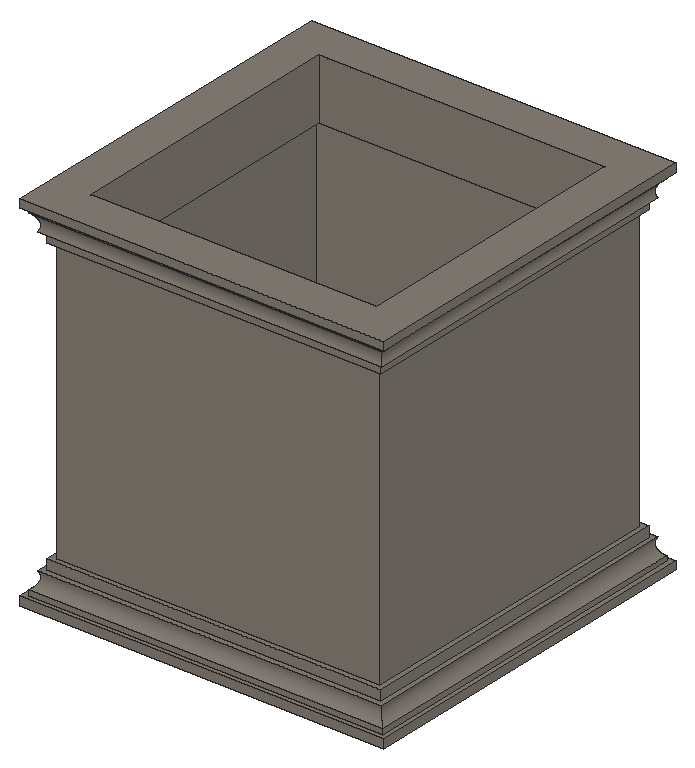
Revit family "Specialty_Equipment-Fiberglass_Planter-Planters_Unlimited-Laguna Rectangular square-rev", category Specialty Equipment, Revit 2023 (continued)
Types (596): name | Type Comments | Description | CD_Width | CD_Specification | CD_Product Page URL | CD_Height | CD_Length | CD_Divider
  60"L x 42"W x 30"H | "Rectangular Planter" | "Laguna Rectangular Planter" | 42.0" | "https://www.plantersunlimited.com/content/Planters/C19-LYN-REC.pdf" | "https://www.plantersunlimited.com/lynx-rectangular-planters48/" | 30.0" | 60.0" | yes
  60"L x 42"W x 36"H | "Rectangular Planter" | "Laguna Rectangular Planter" | 42.0" | "https://www.plantersunlimited.com/content/Planters/C19-LYN-REC.pdf" | "https://www.plantersunlimited.com/lynx-rectangular-planters48/" | 36.0" | 60.0" | yes
  60"L x 42"W x 42"H | "Rectangular Planter" | "Laguna Rectangular Planter" | 42.0" | "https://www.plantersunlimited.com/content/Planters/C19-LYN-REC.pdf" | "https://www.plantersunlimited.com/lynx-rectangular-planters48/" | 42.0" | 60.0" | yes
  60"L x 42"W x 48"H | "Rectangular Planter" | "Laguna Rectangular Planter" | 42.0" | "https://www.plantersunlimited.com/content/Planters/C19-LYN-REC.pdf" | "https://www.plantersunlimited.com/lynx-rectangular-planters48/" | 48.0" | 60.0" | yes
  66"L x 12"W x 18"H | "Rectangular Planter" | "Laguna Rectangular Planter" | 12.0" | "https://www.plantersunlimited.com/content/Planters/C19-LYN-REC.pdf" | "https://www.plantersunlimited.com/lynx-rectangular-planters48/" | 18.0" | 66.0" | yes
  66"L x 12"W x 24"H | "Rectangular Planter" | "Laguna Rectangular Planter" | 12.0" | "https://www.plantersunlimited.com/content/Planters/C19-LYN-REC.pdf" | "https://www.plantersunlimited.com/lynx-rectangular-planters48/" | 24.0" | 66.0" | yes
  66"L x 12"W x 30"H | "Rectangular Planter" | "Laguna Rectangular Planter" | 12.0" | "https://www.plantersunlimited.com/content/Planters/C19-LYN-REC.pdf" | "https://www.plantersunlimited.com/lynx-rectangular-planters48/" | 30.0" | 66.0" | yes
  66"L x 12"W x 36"H | "Rectangular Planter" | "Laguna Rectangular Planter" | 12.0" | "https://www.plantersunlimited.com/content/Planters/C19-LYN-REC.pdf" | "https://www.plantersunlimited.com/lynx-rectangular-planters48/" | 36.0" | 66.0" | yes
  66"L x 15"W x 18"H | "Rectangular Planter" | "Laguna Rectangular Planter" | 15.0" | "https://www.plantersunlimited.com/content/Planters/C19-LYN-REC.pdf" | "https://www.plantersunlimited.com/lynx-rectangular-planters48/" | 18.0" | 66.0" | yes
  66"L x 15"W x 24"H | "Rectangular Planter" | "Laguna Rectangular Planter" | 15.0" | "https://www.plantersunlimited.com/content/Planters/C19-LYN-REC.pdf" | "https://www.plantersunlimited.com/lynx-rectangular-planters48/" | 24.0" | 66.0" | yes
  66"L x 15"W x 30"H | "Rectangular Planter" | "Laguna Rectangular Planter" | 15.0" | "https://www.plantersunlimited.com/content/Planters/C19-LYN-REC.pdf" | "https://www.plantersunlimited.com/lynx-rectangular-planters48/" | 30.0" | 66.0" | yes
  66"L x 15"W x 36"H | "Rectangular Planter" | "Laguna Rectangular Planter" | 15.0" | "https://www.plantersunlimited.com/content/Planters/C19-LYN-REC.pdf" | "https://www.plantersunlimited.com/lynx-rectangular-planters48/" | 36.0" | 66.0" | yes
  66"L x 15"W x 42"H | "Rectangular Planter" | "Laguna Rectangular Planter" | 15.0" | "https://www.plantersunlimited.com/content/Planters/C19-LYN-REC.pdf" | "https://www.plantersunlimited.com/lynx-rectangular-planters48/" | 42.0" | 66.0" | yes
  66"L x 15"W x 48"H | "Rectangular Planter" | "Laguna Rectangular Planter" | 15.0" | "https://www.plantersunlimited.com/content/Planters/C19-LYN-REC.pdf" | "https://www.plantersunlimited.com/lynx-rectangular-planters48/" | 48.0" | 66.0" | yes
  66"L x 18"W x 18"H | "Rectangular Planter" | "Laguna Rectangular Planter" | 18.0" | "https://www.plantersunlimited.com/content/Planters/C19-LYN-REC.pdf" | "https://www.plantersunlimited.com/lynx-rectangular-planters48/" | 18.0" | 66.0" | yes
  66"L x 18"W x 24"H | "Rectangular Planter" | "Laguna Rectangular Planter" | 18.0" | "https://www.plantersunlimited.com/content/Planters/C19-LYN-REC.pdf" | "https://www.plantersunlimited.com/lynx-rectangular-planters48/" | 24.0" | 66.0" | yes
  66"L x 18"W x 30"H | "Rectangular Planter" | "Laguna Rectangular Planter" | 18.0" | "https://www.plantersunlimited.com/content/Planters/C19-LYN-REC.pdf" | "https://www.plantersunlimited.com/lynx-rectangular-planters48/" | 30.0" | 66.0" | yes
  66"L x 18"W x 36"H | "Rectangular Planter" | "Laguna Rectangular Planter" | 18.0" | "https://www.plantersunlimited.com/content/Planters/C19-LYN-REC.pdf" | "https://www.plantersunlimited.com/lynx-rectangular-planters48/" | 36.0" | 66.0" | yes
  66"L x 18"W x 42"H | "Rectangular Planter" | "Laguna Rectangular Planter" | 18.0" | "https://www.plantersunlimited.com/content/Planters/C19-LYN-REC.pdf" | "https://www.plantersunlimited.com/lynx-rectangular-planters48/" | 42.0" | 66.0" | yes
  66"L x 18"W x 48"H | "Rectangular Planter" | "Laguna Rectangular Planter" | 18.0" | "https://www.plantersunlimited.com/content/Planters/C19-LYN-REC.pdf" | "https://www.plantersunlimited.com/lynx-rectangular-planters48/" | 48.0" | 66.0" | yes
  66"L x 24"W x 18"H | "Rectangular Planter" | "Laguna Rectangular Planter" | 24.0" | "https://www.plantersunlimited.com/content/Planters/C19-LYN-REC.pdf" | "https://www.plantersunlimited.com/lynx-rectangular-planters48/" | 18.0" | 66.0" | yes
  66"L x 24"W x 24"H | "Rectangular Planter" | "Laguna Rectangular Planter" | 24.0" | "https://www.plantersunlimited.com/content/Planters/C19-LYN-REC.pdf" | "https://www.plantersunlimited.com/lynx-rectangular-planters48/" | 24.0" | 66.0" | yes
  66"L x 24"W x 30"H | "Rectangular Planter" | "Laguna Rectangular Planter" | 24.0" | "https://www.plantersunlimited.com/content/Planters/C19-LYN-REC.pdf" | "https://www.plantersunlimited.com/lynx-rectangular-planters48/" | 30.0" | 66.0" | yes
  66"L x 24"W x 36"H | "Rectangular Planter" | "Laguna Rectangular Planter" | 24.0" | "https://www.plantersunlimited.com/content/Planters/C19-LYN-REC.pdf" | "https://www.plantersunlimited.com/lynx-rectangular-planters48/" | 36.0" | 66.0" | yes
  66"L x 24"W x 42"H | "Rectangular Planter" | "Laguna Rectangular Planter" | 24.0" | "https://www.plantersunlimited.com/content/Planters/C19-LYN-REC.pdf" | "https://www.plantersunlimited.com/lynx-rectangular-planters48/" | 42.0" | 66.0" | yes
  66"L x 24"W x 48"H | "Rectangular Planter" | "Laguna Rectangular Planter" | 24.0" | "https://www.plantersunlimited.com/content/Planters/C19-LYN-REC.pdf" | "https://www.plantersunlimited.com/lynx-rectangular-planters48/" | 48.0" | 66.0" | yes
  66"L x 30"W x 18"H | "Rectangular Planter" | "Laguna Rectangular Planter" | 30.0" | "https://www.plantersunlimited.com/content/Planters/C19-LYN-REC.pdf" | "https://www.plantersunlimited.com/lynx-rectangular-planters48/" | 18.0" | 66.0" | yes
  66"L x 30"W x 24"H | "Rectangular Planter" | "Laguna Rectangular Planter" | 30.0" | "https://www.plantersunlimited.com/content/Planters/C19-LYN-REC.pdf" | "https://www.plantersunlimited.com/lynx-rectangular-planters48/" | 24.0" | 66.0" | yes
  66"L x 30"W x 30"H | "Rectangular Planter" | "Laguna Rectangular Planter" | 30.0" | "https://www.plantersunlimited.com/content/Planters/C19-LYN-REC.pdf" | "https://www.plantersunlimited.com/lynx-rectangular-planters48/" | 30.0" | 66.0" | yes
  66"L x 30"W x 36"H | "Rectangular Planter" | "Laguna Rectangular Planter" | 30.0" | "https://www.plantersunlimited.com/content/Planters/C19-LYN-REC.pdf" | "https://www.plantersunlimited.com/lynx-rectangular-planters48/" | 36.0" | 66.0" | yes
  66"L x 30"W x 42"H | "Rectangular Planter" | "Laguna Rectangular Planter" | 30.0" | "https://www.plantersunlimited.com/content/Planters/C19-LYN-REC.pdf" | "https://www.plantersunlimited.com/lynx-rectangular-planters48/" | 42.0" | 66.0" | yes
  66"L x 30"W x 48"H | "Rectangular Planter" | "Laguna Rectangular Planter" | 30.0" | "https://www.plantersunlimited.com/content/Planters/C19-LYN-REC.pdf" | "https://www.plantersunlimited.com/lynx-rectangular-planters48/" | 48.0" | 66.0" | yes
  66"L x 36"W x 18"H | "Rectangular Planter" | "Laguna Rectangular Planter" | 36.0" | "https://www.plantersunlimited.com/content/Planters/C19-LYN-REC.pdf" | "https://www.plantersunlimited.com/lynx-rectangular-planters48/" | 18.0" | 66.0" | yes
  66"L x 36"W x 24"H | "Rectangular Planter" | "Laguna Rectangular Planter" | 36.0" | "https://www.plantersunlimited.com/content/Planters/C19-LYN-REC.pdf" | "https://www.plantersunlimited.com/lynx-rectangular-planters48/" | 24.0" | 66.0" | yes
  66"L x 36"W x 30"H | "Rectangular Planter" | "Laguna Rectangular Planter" | 36.0" | "https://www.plantersunlimited.com/content/Planters/C19-LYN-REC.pdf" | "https://www.plantersunlimited.com/lynx-rectangular-planters48/" | 30.0" | 66.0" | yes
  66"L x 36"W x 36"H | "Rectangular Planter" | "Laguna Rectangular Planter" | 36.0" | "https://www.plantersunlimited.com/content/Planters/C19-LYN-REC.pdf" | "https://www.plantersunlimited.com/lynx-rectangular-planters48/" | 36.0" | 66.0" | yes
  66"L x 36"W x 42"H | "Rectangular Planter" | "Laguna Rectangular Planter" | 36.0" | "https://www.plantersunlimited.com/content/Planters/C19-LYN-REC.pdf" | "https://www.plantersunlimited.com/lynx-rectangular-planters48/" | 42.0" | 66.0" | yes
  66"L x 36"W x 48"H | "Rectangular Planter" | "Laguna Rectangular Planter" | 36.0" | "https://www.plantersunlimited.com/content/Planters/C19-LYN-REC.pdf" | "https://www.plantersunlimited.com/lynx-rectangular-planters48/" | 48.0" | 66.0" | yes
  66"L x 42"W x 18"H | "Rectangular Planter" | "Laguna Rectangular Planter" | 42.0" | "https://www.plantersunlimited.com/content/Planters/C19-LYN-REC.pdf" | "https://www.plantersunlimited.com/lynx-rectangular-planters48/" | 18.0" | 66.0" | yes
  66"L x 42"W x 24"H | "Rectangular Planter" | "Laguna Rectangular Planter" | 42.0" | "https://www.plantersunlimited.com/content/Planters/C19-LYN-REC.pdf" | "https://www.plantersunlimited.com/lynx-rectangular-planters48/" | 24.0" | 66.0" | yes
  66"L x 42"W x 30"H | "Rectangular Planter" | "Laguna Rectangular Planter" | 42.0" | "https://www.plantersunlimited.com/content/Planters/C19-LYN-REC.pdf" | "https://www.plantersunlimited.com/lynx-rectangular-planters48/" | 30.0" | 66.0" | yes
  66"L x 42"W x 36"H | "Rectangular Planter" | "Laguna Rectangular Planter" | 42.0" | "https://www.plantersunlimited.com/content/Planters/C19-LYN-REC.pdf" | "https://www.plantersunlimited.com/lynx-rectangular-planters48/" | 36.0" | 66.0" | yes
  66"L x 42"W x 42"H | "Rectangular Planter" | "Laguna Rectangular Planter" | 42.0" | "https://www.plantersunlimited.com/content/Planters/C19-LYN-REC.pdf" | "https://www.plantersunlimited.com/lynx-rectangular-planters48/" | 42.0" | 66.0" | yes
  66"L x 42"W x 48"H | "Rectangular Planter" | "Laguna Rectangular Planter" | 42.0" | "https://www.plantersunlimited.com/content/Planters/C19-LYN-REC.pdf" | "https://www.plantersunlimited.com/lynx-rectangular-planters48/" | 48.0" | 66.0" | yes
  72"L x 12"W x 18"H | "Rectangular Planter" | "Laguna Rectangular Planter" | 12.0" | "https://www.plantersunlimited.com/content/Planters/C19-LYN-REC.pdf" | "https://www.plantersunlimited.com/lynx-rectangular-planters48/" | 18.0" | 72.0" | yes
  72"L x 12"W x 24"H | "Rectangular Planter" | "Laguna Rectangular Planter" | 12.0" | "https://www.plantersunlimited.com/content/Planters/C19-LYN-REC.pdf" | "https://www.plantersunlimited.com/lynx-rectangular-planters48/" | 24.0" | 72.0" | yes
  72"L x 12"W x 30"H | "Rectangular Planter" | "Laguna Rectangular Planter" | 12.0" | "https://www.plantersunlimited.com/content/Planters/C19-LYN-REC.pdf" | "https://www.plantersunlimited.com/lynx-rectangular-planters48/" | 30.0" | 72.0" | yes
  72"L x 12"W x 36"H | "Rectangular Planter" | "Laguna Rectangular Planter" | 12.0" | "https://www.plantersunlimited.com/content/Planters/C19-LYN-REC.pdf" | "https://www.plantersunlimited.com/lynx-rectangular-planters48/" | 36.0" | 72.0" | yes
  72"L x 15"W x 18"H | "Rectangular Planter" | "Laguna Rectangular Planter" | 15.0" | "https://www.plantersunlimited.com/content/Planters/C19-LYN-REC.pdf" | "https://www.plantersunlimited.com/lynx-rectangular-planters48/" | 18.0" | 72.0" | yes
  72"L x 15"W x 24"H | "Rectangular Planter" | "Laguna Rectangular Planter" | 15.0" | "https://www.plantersunlimited.com/content/Planters/C19-LYN-REC.pdf" | "https://www.plantersunlimited.com/lynx-rectangular-planters48/" | 24.0" | 72.0" | yes
  72"L x 15"W x 30"H | "Rectangular Planter" | "Laguna Rectangular Planter" | 15.0" | "https://www.plantersunlimited.com/content/Planters/C19-LYN-REC.pdf" | "https://www.plantersunlimited.com/lynx-rectangular-planters48/" | 30.0" | 72.0" | yes
  72"L x 15"W x 36"H | "Rectangular Planter" | "Laguna Rectangular Planter" | 15.0" | "https://www.plantersunlimited.com/content/Planters/C19-LYN-REC.pdf" | "https://www.plantersunlimited.com/lynx-rectangular-planters48/" | 36.0" | 72.0" | yes
  72"L x 15"W x 42"H | "Rectangular Planter" | "Laguna Rectangular Planter" | 15.0" | "https://www.plantersunlimited.com/content/Planters/C19-LYN-REC.pdf" | "https://www.plantersunlimited.com/lynx-rectangular-planters48/" | 42.0" | 72.0" | yes
  72"L x 15"W x 48"H | "Rectangular Planter" | "Laguna Rectangular Planter" | 15.0" | "https://www.plantersunlimited.com/content/Planters/C19-LYN-REC.pdf" | "https://www.plantersunlimited.com/lynx-rectangular-planters48/" | 48.0" | 72.0" | yes
  72"L x 18"W x 18"H | "Rectangular Planter" | "Laguna Rectangular Planter" | 18.0" | "https://www.plantersunlimited.com/content/Planters/C19-LYN-REC.pdf" | "https://www.plantersunlimited.com/lynx-rectangular-planters48/" | 18.0" | 72.0" | yes
  72"L x 18"W x 24"H | "Rectangular Planter" | "Laguna Rectangular Planter" | 18.0" | "https://www.plantersunlimited.com/content/Planters/C19-LYN-REC.pdf" | "https://www.plantersunlimited.com/lynx-rectangular-planters48/" | 24.0" | 72.0" | yes
  72"L x 18"W x 30"H | "Rectangular Planter" | "Laguna Rectangular Planter" | 18.0" | "https://www.plantersunlimited.com/content/Planters/C19-LYN-REC.pdf" | "https://www.plantersunlimited.com/lynx-rectangular-planters48/" | 30.0" | 72.0" | yes
  72"L x 18"W x 36"H | "Rectangular Planter" | "Laguna Rectangular Planter" | 18.0" | "https://www.plantersunlimited.com/content/Planters/C19-LYN-REC.pdf" | "https://www.plantersunlimited.com/lynx-rectangular-planters48/" | 36.0" | 72.0" | yes
  72"L x 18"W x 42"H | "Rectangular Planter" | "Laguna Rectangular Planter" | 18.0" | "https://www.plantersunlimited.com/content/Planters/C19-LYN-REC.pdf" | "https://www.plantersunlimited.com/lynx-rectangular-planters48/" | 42.0" | 72.0" | yes
  72"L x 18"W x 48"H | "Rectangular Planter" | "Laguna Rectangular Planter" | 18.0" | "https://www.plantersunlimited.com/content/Planters/C19-LYN-REC.pdf" | "https://www.plantersunlimited.com/lynx-rectangular-planters48/" | 48.0" | 72.0" | yes
  72"L x 24"W x 18"H | "Rectangular Planter" | "Laguna Rectangular Planter" | 24.0" | "https://www.plantersunlimited.com/content/Planters/C19-LYN-REC.pdf" | "https://www.plantersunlimited.com/lynx-rectangular-planters48/" | 18.0" | 72.0" | yes
  72"L x 24"W x 24"H | "Rectangular Planter" | "Laguna Rectangular Planter" | 24.0" | "https://www.plantersunlimited.com/content/Planters/C19-LYN-REC.pdf" | "https://www.plantersunlimited.com/lynx-rectangular-planters48/" | 24.0" | 72.0" | yes
  72"L x 24"W x 30"H | "Rectangular Planter" | "Laguna Rectangular Planter" | 24.0" | "https://www.plantersunlimited.com/content/Planters/C19-LYN-REC.pdf" | "https://www.plantersunlimited.com/lynx-rectangular-planters48/" | 30.0" | 72.0" | yes
  72"L x 24"W x 36"H | "Rectangular Planter" | "Laguna Rectangular Planter" | 24.0" | "https://www.plantersunlimited.com/content/Planters/C19-LYN-REC.pdf" | "https://www.plantersunlimited.com/lynx-rectangular-planters48/" | 36.0" | 72.0" | yes
  72"L x 24"W x 42"H | "Rectangular Planter" | "Laguna Rectangular Planter" | 24.0" | "https://www.plantersunlimited.com/content/Planters/C19-LYN-REC.pdf" | "https://www.plantersunlimited.com/lynx-rectangular-planters48/" | 42.0" | 72.0" | yes
  72"L x 24"W x 48"H | "Rectangular Planter" | "Laguna Rectangular Planter" | 24.0" | "https://www.plantersunlimited.com/content/Planters/C19-LYN-REC.pdf" | "https://www.plantersunlimited.com/lynx-rectangular-planters48/" | 48.0" | 72.0" | yes
  72"L x 30"W x 18"H | "Rectangular Planter" | "Laguna Rectangular Planter" | 30.0" | "https://www.plantersunlimited.com/content/Planters/C19-LYN-REC.pdf" | "https://www.plantersunlimited.com/lynx-rectangular-planters48/" | 18.0" | 72.0" | yes
  72"L x 30"W x 24"H | "Rectangular Planter" | "Laguna Rectangular Planter" | 30.0" | "https://www.plantersunlimited.com/content/Planters/C19-LYN-REC.pdf" | "https://www.plantersunlimited.com/lynx-rectangular-planters48/" | 24.0" | 72.0" | yes
  72"L x 30"W x 30"H | "Rectangular Planter" | "Laguna Rectangular Planter" | 30.0" | "https://www.plantersunlimited.com/content/Planters/C19-LYN-REC.pdf" | "https://www.plantersunlimited.com/lynx-rectangular-planters48/" | 30.0" | 72.0" | yes
  72"L x 30"W x 36"H | "Rectangular Planter" | "Laguna Rectangular Planter" | 30.0" | "https://www.plantersunlimited.com/content/Planters/C19-LYN-REC.pdf" | "https://www.plantersunlimited.com/lynx-rectangular-planters48/" | 36.0" | 72.0" | yes
  72"L x 30"W x 42"H | "Rectangular Planter" | "Laguna Rectangular Planter" | 30.0" | "https://www.plantersunlimited.com/content/Planters/C19-LYN-REC.pdf" | "https://www.plantersunlimited.com/lynx-rectangular-planters48/" | 42.0" | 72.0" | yes
  72"L x 30"W x 48"H | "Rectangular Planter" | "Laguna Rectangular Planter" | 30.0" | "https://www.plantersunlimited.com/content/Planters/C19-LYN-REC.pdf" | "https://www.plantersunlimited.com/lynx-rectangular-planters48/" | 48.0" | 72.0" | yes
  72"L x 36"W x 18"H | "Rectangular Planter" | "Laguna Rectangular Planter" | 36.0" | "https://www.plantersunlimited.com/content/Planters/C19-LYN-REC.pdf" | "https://www.plantersunlimited.com/lynx-rectangular-planters48/" | 18.0" | 72.0" | yes
  72"L x 36"W x 24"H | "Rectangular Planter" | "Laguna Rectangular Planter" | 36.0" | "https://www.plantersunlimited.com/content/Planters/C19-LYN-REC.pdf" | "https://www.plantersunlimited.com/lynx-rectangular-planters48/" | 24.0" | 72.0" | yes
  72"L x 36"W x 30"H | "Rectangular Planter" | "Laguna Rectangular Planter" | 36.0" | "https://www.plantersunlimited.com/content/Planters/C19-LYN-REC.pdf" | "https://www.plantersunlimited.com/lynx-rectangular-planters48/" | 30.0" | 72.0" | yes
  72"L x 36"W x 36"H | "Rectangular Planter" | "Laguna Rectangular Planter" | 36.0" | "https://www.plantersunlimited.com/content/Planters/C19-LYN-REC.pdf" | "https://www.plantersunlimited.com/lynx-rectangular-planters48/" | 36.0" | 72.0" | yes
  72"L x 36"W x 42"H | "Rectangular Planter" | "Laguna Rectangular Planter" | 36.0" | "https://www.plantersunlimited.com/content/Planters/C19-LYN-REC.pdf" | "https://www.plantersunlimited.com/lynx-rectangular-planters48/" | 42.0" | 72.0" | yes
  72"L x 36"W x 48"H | "Rectangular Planter" | "Laguna Rectangular Planter" | 36.0" | "https://www.plantersunlimited.com/content/Planters/C19-LYN-REC.pdf" | "https://www.plantersunlimited.com/lynx-rectangular-planters48/" | 48.0" | 72.0" | yes
  72"L x 42"W x 18"H | "Rectangular Planter" | "Laguna Rectangular Planter" | 42.0" | "https://www.plantersunlimited.com/content/Planters/C19-LYN-REC.pdf" | "https://www.plantersunlimited.com/lynx-rectangular-planters48/" | 18.0" | 72.0" | yes
  72"L x 42"W x 24"H | "Rectangular Planter" | "Laguna Rectangular Planter" | 42.0" | "https://www.plantersunlimited.com/content/Planters/C19-LYN-REC.pdf" | "https://www.plantersunlimited.com/lynx-rectangular-planters48/" | 24.0" | 72.0" | yes
  72"L x 42"W x 30"H | "Rectangular Planter" | "Laguna Rectangular Planter" | 42.0" | "https://www.plantersunlimited.com/content/Planters/C19-LYN-REC.pdf" | "https://www.plantersunlimited.com/lynx-rectangular-planters48/" | 30.0" | 72.0" | yes
  72"L x 42"W x 36"H | "Rectangular Planter" | "Laguna Rectangular Planter" | 42.0" | "https://www.plantersunlimited.com/content/Planters/C19-LYN-REC.pdf" | "https://www.plantersunlimited.com/lynx-rectangular-planters48/" | 36.0" | 72.0" | yes
  72"L x 42"W x 42"H | "Rectangular Planter" | "Laguna Rectangular Planter" | 42.0" | "https://www.plantersunlimited.com/content/Planters/C19-LYN-REC.pdf" | "https://www.plantersunlimited.com/lynx-rectangular-planters48/" | 42.0" | 72.0" | yes
  72"L x 42"W x 48"H | "Rectangular Planter" | "Laguna Rectangular Planter" | 42.0" | "https://www.plantersunlimited.com/content/Planters/C19-LYN-REC.pdf" | "https://www.plantersunlimited.com/lynx-rectangular-planters48/" | 48.0" | 72.0" | yes
  78"L x 12"W x 18"H | "Rectangular Planter" | "Laguna Rectangular Planter" | 12.0" | "https://www.plantersunlimited.com/content/Planters/C19-LYN-REC.pdf" | "https://www.plantersunlimited.com/lynx-rectangular-planters48/" | 18.0" | 78.0" | yes
  78"L x 12"W x 24"H | "Rectangular Planter" | "Laguna Rectangular Planter" | 12.0" | "https://www.plantersunlimited.com/content/Planters/C19-LYN-REC.pdf" | "https://www.plantersunlimited.com/lynx-rectangular-planters48/" | 24.0" | 78.0" | yes
  78"L x 12"W x 30"H | "Rectangular Planter" | "Laguna Rectangular Planter" | 12.0" | "https://www.plantersunlimited.com/content/Planters/C19-LYN-REC.pdf" | "https://www.plantersunlimited.com/lynx-rectangular-planters48/" | 30.0" | 78.0" | yes
  78"L x 12"W x 36"H | "Rectangular Planter" | "Laguna Rectangular Planter" | 12.0" | "https://www.plantersunlimited.com/content/Planters/C19-LYN-REC.pdf" | "https://www.plantersunlimited.com/lynx-rectangular-planters48/" | 36.0" | 78.0" | yes
  78"L x 15"W x 18"H | "Rectangular Planter" | "Laguna Rectangular Planter" | 15.0" | "https://www.plantersunlimited.com/content/Planters/C19-LYN-REC.pdf" | "https://www.plantersunlimited.com/lynx-rectangular-planters48/" | 18.0" | 78.0" | yes
  78"L x 15"W x 24"H | "Rectangular Planter" | "Laguna Rectangular Planter" | 15.0" | "https://www.plantersunlimited.com/content/Planters/C19-LYN-REC.pdf" | "https://www.plantersunlimited.com/lynx-rectangular-planters48/" | 24.0" | 78.0" | yes
  78"L x 15"W x 30"H | "Rectangular Planter" | "Laguna Rectangular Planter" | 15.0" | "https://www.plantersunlimited.com/content/Planters/C19-LYN-REC.pdf" | "https://www.plantersunlimited.com/lynx-rectangular-planters48/" | 30.0" | 78.0" | yes
  78"L x 15"W x 36"H | "Rectangular Planter" | "Laguna Rectangular Planter" | 15.0" | "https://www.plantersunlimited.com/content/Planters/C19-LYN-REC.pdf" | "https://www.plantersunlimited.com/lynx-rectangular-planters48/" | 36.0" | 78.0" | yes
  78"L x 15"W x 42"H | "Rectangular Planter" | "Laguna Rectangular Planter" | 15.0" | "https://www.plantersunlimited.com/content/Planters/C19-LYN-REC.pdf" | "https://www.plantersunlimited.com/lynx-rectangular-planters48/" | 42.0" | 78.0" | yes
  78"L x 15"W x 48"H | "Rectangular Planter" | "Laguna Rectangular Planter" | 15.0" | "https://www.plantersunlimited.com/content/Planters/C19-LYN-REC.pdf" | "https://www.plantersunlimited.com/lynx-rectangular-planters48/" | 48.0" | 78.0" | yes
  78"L x 18"W x 18"H | "Rectangular Planter" | "Laguna Rectangular Planter" | 18.0" | "https://www.plantersunlimited.com/content/Planters/C19-LYN-REC.pdf" | "https://www.plantersunlimited.com/lynx-rectangular-planters48/" | 18.0" | 78.0" | yes
  78"L x 18"W x 24"H | "Rectangular Planter" | "Laguna Rectangular Planter" | 18.0" | "https://www.plantersunlimited.com/content/Planters/C19-LYN-REC.pdf" | "https://www.plantersunlimited.com/lynx-rectangular-planters48/" | 24.0" | 78.0" | yes
  78"L x 18"W x 30"H | "Rectangular Planter" | "Laguna Rectangular Planter" | 18.0" | "https://www.plantersunlimited.com/content/Planters/C19-LYN-REC.pdf" | "https://www.plantersunlimited.com/lynx-rectangular-planters48/" | 30.0" | 78.0" | yes
  78"L x 18"W x 36"H | "Rectangular Planter" | "Laguna Rectangular Planter" | 18.0" | "https://www.plantersunlimited.com/content/Planters/C19-LYN-REC.pdf" | "https://www.plantersunlimited.com/lynx-rectangular-planters48/" | 36.0" | 78.0" | yes
  78"L x 18"W x 42"H | "Rectangular Planter" | "Laguna Rectangular Planter" | 18.0" | "https://www.plantersunlimited.com/content/Planters/C19-LYN-REC.pdf" | "https://www.plantersunlimited.com/lynx-rectangular-planters48/" | 42.0" | 78.0" | yes
  78"L x 18"W x 48"H | "Rectangular Planter" | "Laguna Rectangular Planter" | 18.0" | "https://www.plantersunlimited.com/content/Planters/C19-LYN-REC.pdf" | "https://www.plantersunlimited.com/lynx-rectangular-planters48/" | 48.0" | 78.0" | yes
  78"L x 24"W x 18"H | "Rectangular Planter" | "Laguna Rectangular Planter" | 24.0" | "https://www.plantersunlimited.com/content/Planters/C19-LYN-REC.pdf" | "https://www.plantersunlimited.com/lynx-rectangular-planters48/" | 18.0" | 78.0" | yes
  78"L x 24"W x 24"H | "Rectangular Planter" | "Laguna Rectangular Planter" | 24.0" | "https://www.plantersunlimited.com/content/Planters/C19-LYN-REC.pdf" | "https://www.plantersunlimited.com/lynx-rectangular-planters48/" | 24.0" | 78.0" | yes
  78"L x 24"W x 30"H | "Rectangular Planter" | "Laguna Rectangular Planter" | 24.0" | "https://www.plantersunlimited.com/content/Planters/C19-LYN-REC.pdf" | "https://www.plantersunlimited.com/lynx-rectangular-planters48/" | 30.0" | 78.0" | yes
  78"L x 24"W x 36"H | "Rectangular Planter" | "Laguna Rectangular Planter" | 24.0" | "https://www.plantersunlimited.com/content/Planters/C19-LYN-REC.pdf" | "https://www.plantersunlimited.com/lynx-rectangular-planters48/" | 36.0" | 78.0" | yes
  78"L x 24"W x 42"H | "Rectangular Planter" | "Laguna Rectangular Planter" | 24.0" | "https://www.plantersunlimited.com/content/Planters/C19-LYN-REC.pdf" | "https://www.plantersunlimited.com/lynx-rectangular-planters48/" | 42.0" | 78.0" | yes
  78"L x 24"W x 48"H | "Rectangular Planter" | "Laguna Rectangular Planter" | 24.0" | "https://www.plantersunlimited.com/content/Planters/C19-LYN-REC.pdf" | "https://www.plantersunlimited.com/lynx-rectangular-planters48/" | 48.0" | 78.0" | yes
  78"L x 30"W x 18"H | "Rectangular Planter" | "Laguna Rectangular Planter" | 30.0" | "https://www.plantersunlimited.com/content/Planters/C19-LYN-REC.pdf" | "https://www.plantersunlimited.com/lynx-rectangular-planters48/" | 18.0" | 78.0" | yes
  78"L x 30"W x 24"H | "Rectangular Planter" | "Laguna Rectangular Planter" | 30.0" | "https://www.plantersunlimited.com/content/Planters/C19-LYN-REC.pdf" | "https://www.plantersunlimited.com/lynx-rectangular-planters48/" | 24.0" | 78.0" | yes
  78"L x 30"W x 30"H | "Rectangular Planter" | "Laguna Rectangular Planter" | 30.0" | "https://www.plantersunlimited.com/content/Planters/C19-LYN-REC.pdf" | "https://www.plantersunlimited.com/lynx-rectangular-planters48/" | 30.0" | 78.0" | yes
  78"L x 30"W x 36"H | "Rectangular Planter" | "Laguna Rectangular Planter" | 30.0" | "https://www.plantersunlimited.com/content/Planters/C19-LYN-REC.pdf" | "https://www.plantersunlimited.com/lynx-rectangular-planters48/" | 36.0" | 78.0" | yes
  78"L x 30"W x 42"H | "Rectangular Planter" | "Laguna Rectangular Planter" | 30.0" | "https://www.plantersunlimited.com/content/Planters/C19-LYN-REC.pdf" | "https://www.plantersunlimited.com/lynx-rectangular-planters48/" | 42.0" | 78.0" | yes
  78"L x 30"W x 48"H | "Rectangular Planter" | "Laguna Rectangular Planter" | 30.0" | "https://www.plantersunlimited.com/content/Planters/C19-LYN-REC.pdf" | "https://www.plantersunlimited.com/lynx-rectangular-planters48/" | 48.0" | 78.0" | yes
  78"L x 36"W x 18"H | "Rectangular Planter" | "Laguna Rectangular Planter" | 36.0" | "https://www.plantersunlimited.com/content/Planters/C19-LYN-REC.pdf" | "https://www.plantersunlimited.com/lynx-rectangular-planters48/" | 18.0" | 78.0" | yes
  78"L x 36"W x 24"H | "Rectangular Planter" | "Laguna Rectangular Planter" | 36.0" | "https://www.plantersunlimited.com/content/Planters/C19-LYN-REC.pdf" | "https://www.plantersunlimited.com/lynx-rectangular-planters48/" | 24.0" | 78.0" | yes
  78"L x 36"W x 30"H | "Rectangular Planter" | "Laguna Rectangular Planter" | 36.0" | "https://www.plantersunlimited.com/content/Planters/C19-LYN-REC.pdf" | "https://www.plantersunlimited.com/lynx-rectangular-planters48/" | 30.0" | 78.0" | yes
  78"L x 36"W x 36"H | "Rectangular Planter" | "Laguna Rectangular Planter" | 36.0" | "https://www.plantersunlimited.com/content/Planters/C19-LYN-REC.pdf" | "https://www.plantersunlimited.com/lynx-rectangular-planters48/" | 36.0" | 78.0" | yes
  78"L x 36"W x 42"H | "Rectangular Planter" | "Laguna Rectangular Planter" | 36.0" | "https://www.plantersunlimited.com/content/Planters/C19-LYN-REC.pdf" | "https://www.plantersunlimited.com/lynx-rectangular-planters48/" | 42.0" | 78.0" | yes
  78"L x 36"W x 48"H | "Rectangular Planter" | "Laguna Rectangular Planter" | 36.0" | "https://www.plantersunlimited.com/content/Planters/C19-LYN-REC.pdf" | "https://www.plantersunlimited.com/lynx-rectangular-planters48/" | 48.0" | 78.0" | yes
  78"L x 42"W x 18"H | "Rectangular Planter" | "Laguna Rectangular Planter" | 42.0" | "https://www.plantersunlimited.com/content/Planters/C19-LYN-REC.pdf" | "https://www.plantersunlimited.com/lynx-rectangular-planters48/" | 18.0" | 78.0" | yes
  78"L x 42"W x 24"H | "Rectangular Planter" | "Laguna Rectangular Planter" | 42.0" | "https://www.plantersunlimited.com/content/Planters/C19-LYN-REC.pdf" | "https://www.plantersunlimited.com/lynx-rectangular-planters48/" | 24.0" | 78.0" | yes
  78"L x 42"W x 30"H | "Rectangular Planter" | "Laguna Rectangular Planter" | 42.0" | "https://www.plantersunlimited.com/content/Planters/C19-LYN-REC.pdf" | "https://www.plantersunlimited.com/lynx-rectangular-planters48/" | 30.0" | 78.0" | yes
  78"L x 42"W x 36"H | "Rectangular Planter" | "Laguna Rectangular Planter" | 42.0" | "https://www.plantersunlimited.com/content/Planters/C19-LYN-REC.pdf" | "https://www.plantersunlimited.com/lynx-rectangular-planters48/" | 36.0" | 78.0" | yes
  78"L x 42"W x 42"H | "Rectangular Planter" | "Laguna Rectangular Planter" | 42.0" | "https://www.plantersunlimited.com/content/Planters/C19-LYN-REC.pdf" | "https://www.plantersunlimited.com/lynx-rectangular-planters48/" | 42.0" | 78.0" | yes
  78"L x 42"W x 48"H | "Rectangular Planter" | "Laguna Rectangular Planter" | 42.0" | "https://www.plantersunlimited.com/content/Planters/C19-LYN-REC.pdf" | "https://www.plantersunlimited.com/lynx-rectangular-planters48/" | 48.0" | 78.0" | yes
  84"L x 12"W x 18"H | "Rectangular Planter" | "Laguna Rectangular Planter" | 12.0" | "https://www.plantersunlimited.com/content/Planters/C19-LYN-REC.pdf" | "https://www.plantersunlimited.com/lynx-rectangular-planters48/" | 18.0" | 84.0" | yes
  84"L x 12"W x 24"H | "Rectangular Planter" | "Laguna Rectangular Planter" | 12.0" | "https://www.plantersunlimited.com/content/Planters/C19-LYN-REC.pdf" | "https://www.plantersunlimited.com/lynx-rectangular-planters48/" | 24.0" | 84.0" | yes
  84"L x 12"W x 30"H | "Rectangular Planter" | "Laguna Rectangular Planter" | 12.0" | "https://www.plantersunlimited.com/content/Planters/C19-LYN-REC.pdf" | "https://www.plantersunlimited.com/lynx-rectangular-planters48/" | 30.0" | 84.0" | yes
  84"L x 12"W x 36"H | "Rectangular Planter" | "Laguna Rectangular Planter" | 12.0" | "https://www.plantersunlimited.com/content/Planters/C19-LYN-REC.pdf" | "https://www.plantersunlimited.com/lynx-rectangular-planters48/" | 36.0" | 84.0" | yes
  84"L x 15"W x 18"H | "Rectangular Planter" | "Laguna Rectangular Planter" | 15.0" | "https://www.plantersunlimited.com/content/Planters/C19-LYN-REC.pdf" | "https://www.plantersunlimited.com/lynx-rectangular-planters48/" | 18.0" | 84.0" | yes
  84"L x 15"W x 24"H | "Rectangular Planter" | "Laguna Rectangular Planter" | 15.0" | "https://www.plantersunlimited.com/content/Planters/C19-LYN-REC.pdf" | "https://www.plantersunlimited.com/lynx-rectangular-planters48/" | 24.0" | 84.0" | yes
  84"L x 15"W x 30"H | "Rectangular Planter" | "Laguna Rectangular Planter" | 15.0" | "https://www.plantersunlimited.com/content/Planters/C19-LYN-REC.pdf" | "https://www.plantersunlimited.com/lynx-rectangular-planters48/" | 30.0" | 84.0" | yes
  84"L x 15"W x 36"H | "Rectangular Planter" | "Laguna Rectangular Planter" | 15.0" | "https://www.plantersunlimited.com/content/Planters/C19-LYN-REC.pdf" | "https://www.plantersunlimited.com/lynx-rectangular-planters48/" | 36.0" | 84.0" | yes
  84"L x 15"W x 42"H | "Rectangular Planter" | "Laguna Rectangular Planter" | 15.0" | "https://www.plantersunlimited.com/content/Planters/C19-LYN-REC.pdf" | "https://www.plantersunlimited.com/lynx-rectangular-planters48/" | 42.0" | 84.0" | yes
  84"L x 15"W x 48"H | "Rectangular Planter" | "Laguna Rectangular Planter" | 15.0" | "https://www.plantersunlimited.com/content/Planters/C19-LYN-REC.pdf" | "https://www.plantersunlimited.com/lynx-rectangular-planters48/" | 48.0" | 84.0" | yes
  84"L x 18"W x 18"H | "Rectangular Planter" | "Laguna Rectangular Planter" | 18.0" | "https://www.plantersunlimited.com/content/Planters/C19-LYN-REC.pdf" | "https://www.plantersunlimited.com/lynx-rectangular-planters48/" | 18.0" | 84.0" | yes
  84"L x 18"W x 24"H | "Rectangular Planter" | "Laguna Rectangular Planter" | 18.0" | "https://www.plantersunlimited.com/content/Planters/C19-LYN-REC.pdf" | "https://www.plantersunlimited.com/lynx-rectangular-planters48/" | 24.0" | 84.0" | yes
  84"L x 18"W x 30"H | "Rectangular Planter" | "Laguna Rectangular Planter" | 18.0" | "https://www.plantersunlimited.com/content/Planters/C19-LYN-REC.pdf" | "https://www.plantersunlimited.com/lynx-rectangular-planters48/" | 30.0" | 84.0" | yes
  84"L x 18"W x 36"H | "Rectangular Planter" | "Laguna Rectangular Planter" | 18.0" | "https://www.plantersunlimited.com/content/Planters/C19-LYN-REC.pdf" | "https://www.plantersunlimited.com/lynx-rectangular-planters48/" | 36.0" | 84.0" | yes
  84"L x 18"W x 42"H | "Rectangular Planter" | "Laguna Rectangular Planter" | 18.0" | "https://www.plantersunlimited.com/content/Planters/C19-LYN-REC.pdf" | "https://www.plantersunlimited.com/lynx-rectangular-planters48/" | 42.0" | 84.0" | yes
  84"L x 18"W x 48"H | "Rectangular Planter" | "Laguna Rectangular Planter" | 18.0" | "https://www.plantersunlimited.com/content/Planters/C19-LYN-REC.pdf" | "https://www.plantersunlimited.com/lynx-rectangular-planters48/" | 48.0" | 84.0" | yes
  84"L x 24"W x 18"H | "Rectangular Planter" | "Laguna Rectangular Planter" | 24.0" | "https://www.plantersunlimited.com/content/Planters/C19-LYN-REC.pdf" | "https://www.plantersunlimited.com/lynx-rectangular-planters48/" | 18.0" | 84.0" | yes
  84"L x 24"W x 24"H | "Rectangular Planter" | "Laguna Rectangular Planter" | 24.0" | "https://www.plantersunlimited.com/content/Planters/C19-LYN-REC.pdf" | "https://www.plantersunlimited.com/lynx-rectangular-planters48/" | 24.0" | 84.0" | yes
  84"L x 24"W x 30"H | "Rectangular Planter" | "Laguna Rectangular Planter" | 24.0" | "https://www.plantersunlimited.com/content/Planters/C19-LYN-REC.pdf" | "https://www.plantersunlimited.com/lynx-rectangular-planters48/" | 30.0" | 84.0" | yes
  84"L x 24"W x 36"H | "Rectangular Planter" | "Laguna Rectangular Planter" | 24.0" | "https://www.plantersunlimited.com/content/Planters/C19-LYN-REC.pdf" | "https://www.plantersunlimited.com/lynx-rectangular-planters48/" | 36.0" | 84.0" | yes
  84"L x 24"W x 42"H | "Rectangular Planter" | "Laguna Rectangular Planter" | 24.0" | "https://www.plantersunlimited.com/content/Planters/C19-LYN-REC.pdf" | "https://www.plantersunlimited.com/lynx-rectangular-planters48/" | 42.0" | 84.0" | yes
  84"L x 24"W x 48"H | "Rectangular Planter" | "Laguna Rectangular Planter" | 24.0" | "https://www.plantersunlimited.com/content/Planters/C19-LYN-REC.pdf" | "https://www.plantersunlimited.com/lynx-rectangular-planters48/" | 48.0" | 84.0" | yes
  84"L x 30"W x 18"H | "Rectangular Planter" | "Laguna Rectangular Planter" | 30.0" | "https://www.plantersunlimited.com/content/Planters/C19-LYN-REC.pdf" | "https://www.plantersunlimited.com/lynx-rectangular-planters48/" | 18.0" | 84.0" | yes
  84"L x 30"W x 24"H | "Rectangular Planter" | "Laguna Rectangular Planter" | 30.0" | "https://www.plantersunlimited.com/content/Planters/C19-LYN-REC.pdf" | "https://www.plantersunlimited.com/lynx-rectangular-planters48/" | 24.0" | 84.0" | yes
  84"L x 30"W x 30"H | "Rectangular Planter" | "Laguna Rectangular Planter" | 30.0" | "https://www.plantersunlimited.com/content/Planters/C19-LYN-REC.pdf" | "https://www.plantersunlimited.com/lynx-rectangular-planters48/" | 30.0" | 84.0" | yes
  84"L x 30"W x 36"H | "Rectangular Planter" | "Laguna Rectangular Planter" | 30.0" | "https://www.plantersunlimited.com/content/Planters/C19-LYN-REC.pdf" | "https://www.plantersunlimited.com/lynx-rectangular-planters48/" | 36.0" | 84.0" | yes
  84"L x 30"W x 42"H | "Rectangular Planter" | "Laguna Rectangular Planter" | 30.0" | "https://www.plantersunlimited.com/content/Planters/C19-LYN-REC.pdf" | "https://www.plantersunlimited.com/lynx-rectangular-planters48/" | 42.0" | 84.0" | yes
  84"L x 30"W x 48"H | "Rectangular Planter" | "Laguna Rectangular Planter" | 30.0" | "https://www.plantersunlimited.com/content/Planters/C19-LYN-REC.pdf" | "https://www.plantersunlimited.com/lynx-rectangular-planters48/" | 48.0" | 84.0" | yes
  84"L x 36"W x 18"H | "Rectangular Planter" | "Laguna Rectangular Planter" | 36.0" | "https://www.plantersunlimited.com/content/Planters/C19-LYN-REC.pdf" | "https://www.plantersunlimited.com/lynx-rectangular-planters48/" | 18.0" | 84.0" | yes
  84"L x 36"W x 24"H | "Rectangular Planter" | "Laguna Rectangular Planter" | 36.0" | "https://www.plantersunlimited.com/content/Planters/C19-LYN-REC.pdf" | "https://www.plantersunlimited.com/lynx-rectangular-planters48/" | 24.0" | 84.0" | yes
  84"L x 36"W x 30"H | "Rectangular Planter" | "Laguna Rectangular Planter" | 36.0" | "https://www.plantersunlimited.com/content/Planters/C19-LYN-REC.pdf" | "https://www.plantersunlimited.com/lynx-rectangular-planters48/" | 30.0" | 84.0" | yes
  84"L x 36"W x 36"H | "Rectangular Planter" | "Laguna Rectangular Planter" | 36.0" | "https://www.plantersunlimited.com/content/Planters/C19-LYN-REC.pdf" | "https://www.plantersunlimited.com/lynx-rectangular-planters48/" | 36.0" | 84.0" | yes
  84"L x 36"W x 42"H | "Rectangular Planter" | "Laguna Rectangular Planter" | 36.0" | "https://www.plantersunlimited.com/content/Planters/C19-LYN-REC.pdf" | "https://www.plantersunlimited.com/lynx-rectangular-planters48/" | 42.0" | 84.0" | yes
  84"L x 36"W x 48"H | "Rectangular Planter" | "Laguna Rectangular Planter" | 36.0" | "https://www.plantersunlimited.com/content/Planters/C19-LYN-REC.pdf" | "https://www.plantersunlimited.com/lynx-rectangular-planters48/" | 48.0" | 84.0" | yes
  84"L x 42"W x 18"H | "Rectangular Planter" | "Laguna Rectangular Planter" | 42.0" | "https://www.plantersunlimited.com/content/Planters/C19-LYN-REC.pdf" | "https://www.plantersunlimited.com/lynx-rectangular-planters48/" | 18.0" | 84.0" | yes
  84"L x 42"W x 24"H | "Rectangular Planter" | "Laguna Rectangular Planter" | 42.0" | "https://www.plantersunlimited.com/content/Planters/C19-LYN-REC.pdf" | "https://www.plantersunlimited.com/lynx-rectangular-planters48/" | 24.0" | 84.0" | yes
  84"L x 42"W x 30"H | "Rectangular Planter" | "Laguna Rectangular Planter" | 42.0" | "https://www.plantersunlimited.com/content/Planters/C19-LYN-REC.pdf" | "https://www.plantersunlimited.com/lynx-rectangular-planters48/" | 30.0" | 84.0" | yes
  84"L x 42"W x 36"H | "Rectangular Planter" | "Laguna Rectangular Planter" | 42.0" | "https://www.plantersunlimited.com/content/Planters/C19-LYN-REC.pdf" | "https://www.plantersunlimited.com/lynx-rectangular-planters48/" | 36.0" | 84.0" | yes
  84"L x 42"W x 42"H | "Rectangular Planter" | "Laguna Rectangular Planter" | 42.0" | "https://www.plantersunlimited.com/content/Planters/C19-LYN-REC.pdf" | "https://www.plantersunlimited.com/lynx-rectangular-planters48/" | 42.0" | 84.0" | yes
  84"L x 42"W x 48"H | "Rectangular Planter" | "Laguna Rectangular Planter" | 42.0" | "https://www.plantersunlimited.com/content/Planters/C19-LYN-REC.pdf" | "https://www.plantersunlimited.com/lynx-rectangular-planters48/" | 48.0" | 84.0" | yes
  90"L x 12"W x 18"H | "Rectangular Planter" | "Laguna Rectangular Planter" | 12.0" | "https://www.plantersunlimited.com/content/Planters/C19-LYN-REC.pdf" | "https://www.plantersunlimited.com/lynx-rectangular-planters48/" | 18.0" | 90.0" | yes
  90"L x 12"W x 24"H | "Rectangular Planter" | "Laguna Rectangular Planter" | 12.0" | "https://www.plantersunlimited.com/content/Planters/C19-LYN-REC.pdf" | "https://www.plantersunlimited.com/lynx-rectangular-planters48/" | 24.0" | 90.0" | yes
  90"L x 12"W x 30"H | "Rectangular Planter" | "Laguna Rectangular Planter" | 12.0" | "https://www.plantersunlimited.com/content/Planters/C19-LYN-REC.pdf" | "https://www.plantersunlimited.com/lynx-rectangular-planters48/" | 30.0" | 90.0" | yes
  90"L x 12"W x 36"H | "Rectangular Planter" | "Laguna Rectangular Planter" | 12.0" | "https://www.plantersunlimited.com/content/Planters/C19-LYN-REC.pdf" | "https://www.plantersunlimited.com/lynx-rectangular-planters48/" | 36.0" | 90.0" | yes
  90"L x 15"W x 18"H | "Rectangular Planter" | "Laguna Rectangular Planter" | 15.0" | "https://www.plantersunlimited.com/content/Planters/C19-LYN-REC.pdf" | "https://www.plantersunlimited.com/lynx-rectangular-planters48/" | 18.0" | 90.0" | yes
  90"L x 15"W x 24"H | "Rectangular Planter" | "Laguna Rectangular Planter" | 15.0" | "https://www.plantersunlimited.com/content/Planters/C19-LYN-REC.pdf" | "https://www.plantersunlimited.com/lynx-rectangular-planters48/" | 24.0" | 90.0" | yes
  90"L x 15"W x 30"H | "Rectangular Planter" | "Laguna Rectangular Planter" | 15.0" | "https://www.plantersunlimited.com/content/Planters/C19-LYN-REC.pdf" | "https://www.plantersunlimited.com/lynx-rectangular-planters48/" | 30.0" | 90.0" | yes
  90"L x 15"W x 36"H | "Rectangular Planter" | "Laguna Rectangular Planter" | 15.0" | "https://www.plantersunlimited.com/content/Planters/C19-LYN-REC.pdf" | "https://www.plantersunlimited.com/lynx-rectangular-planters48/" | 36.0" | 90.0" | yes
  90"L x 15"W x 42"H | "Rectangular Planter" | "Laguna Rectangular Planter" | 15.0" | "https://www.plantersunlimited.com/content/Planters/C19-LYN-REC.pdf" | "https://www.plantersunlimited.com/lynx-rectangular-planters48/" | 42.0" | 90.0" | yes
  90"L x 15"W x 48"H | "Rectangular Planter" | "Laguna Rectangular Planter" | 15.0" | "https://www.plantersunlimited.com/content/Planters/C19-LYN-REC.pdf" | "https://www.plantersunlimited.com/lynx-rectangular-planters48/" | 48.0" | 90.0" | yes
  90"L x 18"W x 18"H | "Rectangular Planter" | "Laguna Rectangular Planter" | 18.0" | "https://www.plantersunlimited.com/content/Planters/C19-LYN-REC.pdf" | "https://www.plantersunlimited.com/lynx-rectangular-planters48/" | 18.0" | 90.0" | yes
  90"L x 18"W x 24"H | "Rectangular Planter" | "Laguna Rectangular Planter" | 18.0" | "https://www.plantersunlimited.com/content/Planters/C19-LYN-REC.pdf" | "https://www.plantersunlimited.com/lynx-rectangular-planters48/" | 24.0" | 90.0" | yes
  90"L x 18"W x 30"H | "Rectangular Planter" | "Laguna Rectangular Planter" | 18.0" | "https://www.plantersunlimited.com/content/Planters/C19-LYN-REC.pdf" | "https://www.plantersunlimited.com/lynx-rectangular-planters48/" | 30.0" | 90.0" | yes
  90"L x 18"W x 36"H | "Rectangular Planter" | "Laguna Rectangular Planter" | 18.0" | "https://www.plantersunlimited.com/content/Planters/C19-LYN-REC.pdf" | "https://www.plantersunlimited.com/lynx-rectangular-planters48/" | 36.0" | 90.0" | yes
  90"L x 18"W x 42"H | "Rectangular Planter" | "Laguna Rectangular Planter" | 18.0" | "https://www.plantersunlimited.com/content/Planters/C19-LYN-REC.pdf" | "https://www.plantersunlimited.com/lynx-rectangular-planters48/" | 42.0" | 90.0" | yes
  90"L x 18"W x 48"H | "Rectangular Planter" | "Laguna Rectangular Planter" | 18.0" | "https://www.plantersunlimited.com/content/Planters/C19-LYN-REC.pdf" | "https://www.plantersunlimited.com/lynx-rectangular-planters48/" | 48.0" | 90.0" | yes
  90"L x 24"W x 18"H | "Rectangular Planter" | "Laguna Rectangular Planter" | 24.0" | "https://www.plantersunlimited.com/content/Planters/C19-LYN-REC.pdf" | "https://www.plantersunlimited.com/lynx-rectangular-planters48/" | 18.0" | 90.0" | yes
  90"L x 24"W x 24"H | "Rectangular Planter" | "Laguna Rectangular Planter" | 24.0" | "https://www.plantersunlimited.com/content/Planters/C19-LYN-REC.pdf" | "https://www.plantersunlimited.com/lynx-rectangular-planters48/" | 24.0" | 90.0" | yes
  90"L x 24"W x 30"H | "Rectangular Planter" | "Laguna Rectangular Planter" | 24.0" | "https://www.plantersunlimited.com/content/Planters/C19-LYN-REC.pdf" | "https://www.plantersunlimited.com/lynx-rectangular-planters48/" | 30.0" | 90.0" | yes
  90"L x 24"W x 36"H | "Rectangular Planter" | "Laguna Rectangular Planter" | 24.0" | "https://www.plantersunlimited.com/content/Planters/C19-LYN-REC.pdf" | "https://www.plantersunlimited.com/lynx-rectangular-planters48/" | 36.0" | 90.0" | yes
  90"L x 24"W x 42"H | "Rectangular Planter" | "Laguna Rectangular Planter" | 24.0" | "https://www.plantersunlimited.com/content/Planters/C19-LYN-REC.pdf" | "https://www.plantersunlimited.com/lynx-rectangular-planters48/" | 42.0" | 90.0" | yes
  90"L x 24"W x 48"H | "Rectangular Planter" | "Laguna Rectangular Planter" | 24.0" | "https://www.plantersunlimited.com/content/Planters/C19-LYN-REC.pdf" | "https://www.plantersunlimited.com/lynx-rectangular-planters48/" | 48.0" | 90.0" | yes
  90"L x 30"W x 18"H | "Rectangular Planter" | "Laguna Rectangular Planter" | 30.0" | "https://www.plantersunlimited.com/content/Planters/C19-LYN-REC.pdf" | "https://www.plantersunlimited.com/lynx-rectangular-planters48/" | 18.0" | 90.0" | yes
  90"L x 30"W x 24"H | "Rectangular Planter" | "Laguna Rectangular Planter" | 30.0" | "https://www.plantersunlimited.com/content/Planters/C19-LYN-REC.pdf" | "https://www.plantersunlimited.com/lynx-rectangular-planters48/" | 24.0" | 90.0" | yes
  90"L x 30"W x 30"H | "Rectangular Planter" | "Laguna Rectangular Planter" | 30.0" | "https://www.plantersunlimited.com/content/Planters/C19-LYN-REC.pdf" | "https://www.plantersunlimited.com/lynx-rectangular-planters48/" | 30.0" | 90.0" | yes
  90"L x 30"W x 36"H | "Rectangular Planter" | "Laguna Rectangular Planter" | 30.0" | "https://www.plantersunlimited.com/content/Planters/C19-LYN-REC.pdf" | "https://www.plantersunlimited.com/lynx-rectangular-planters48/" | 36.0" | 90.0" | yes
  90"L x 30"W x 42"H | "Rectangular Planter" | "Laguna Rectangular Planter" | 30.0" | "https://www.plantersunlimited.com/content/Planters/C19-LYN-REC.pdf" | "https://www.plantersunlimited.com/lynx-rectangular-planters48/" | 42.0" | 90.0" | yes
  90"L x 30"W x 48"H | "Rectangular Planter" | "Laguna Rectangular Planter" | 30.0" | "https://www.plantersunlimited.com/content/Planters/C19-LYN-REC.pdf" | "https://www.plantersunlimited.com/lynx-rectangular-planters48/" | 48.0" | 90.0" | yes
  90"L x 36"W x 18"H | "Rectangular Planter" | "Laguna Rectangular Planter" | 36.0" | "https://www.plantersunlimited.com/content/Planters/C19-LYN-REC.pdf" | "https://www.plantersunlimited.com/lynx-rectangular-planters48/" | 18.0" | 90.0" | yes
  90"L x 36"W x 24"H | "Rectangular Planter" | "Laguna Rectangular Planter" | 36.0" | "https://www.plantersunlimited.com/content/Planters/C19-LYN-REC.pdf" | "https://www.plantersunlimited.com/lynx-rectangular-planters48/" | 24.0" | 90.0" | yes
  90"L x 36"W x 30"H | "Rectangular Planter" | "Laguna Rectangular Planter" | 36.0" | "https://www.plantersunlimited.com/content/Planters/C19-LYN-REC.pdf" | "https://www.plantersunlimited.com/lynx-rectangular-planters48/" | 30.0" | 90.0" | yes
  90"L x 36"W x 36"H | "Rectangular Planter" | "Laguna Rectangular Planter" | 36.0" | "https://www.plantersunlimited.com/content/Planters/C19-LYN-REC.pdf" | "https://www.plantersunlimited.com/lynx-rectangular-planters48/" | 36.0" | 90.0" | yes
  90"L x 36"W x 42"H | "Rectangular Planter" | "Laguna Rectangular Planter" | 36.0" | "https://www.plantersunlimited.com/content/Planters/C19-LYN-REC.pdf" | "https://www.plantersunlimited.com/lynx-rectangular-planters48/" | 42.0" | 90.0" | yes
  90"L x 36"W x 48"H | "Rectangular Planter" | "Laguna Rectangular Planter" | 36.0" | "https://www.plantersunlimited.com/content/Planters/C19-LYN-REC.pdf" | "https://www.plantersunlimited.com/lynx-rectangular-planters48/" | 48.0" | 90.0" | yes
  90"L x 42"W x 18"H | "Rectangular Planter" | "Laguna Rectangular Planter" | 42.0" | "https://www.plantersunlimited.com/content/Planters/C19-LYN-REC.pdf" | "https://www.plantersunlimited.com/lynx-rectangular-planters48/" | 18.0" | 90.0" | yes
  90"L x 42"W x 24"H | "Rectangular Planter" | "Laguna Rectangular Planter" | 42.0" | "https://www.plantersunlimited.com/content/Planters/C19-LYN-REC.pdf" | "https://www.plantersunlimited.com/lynx-rectangular-planters48/" | 24.0" | 90.0" | yes
  90"L x 42"W x 30"H | "Rectangular Planter" | "Laguna Rectangular Planter" | 42.0" | "https://www.plantersunlimited.com/content/Planters/C19-LYN-REC.pdf" | "https://www.plantersunlimited.com/lynx-rectangular-planters48/" | 30.0" | 90.0" | yes
  90"L x 42"W x 36"H | "Rectangular Planter" | "Laguna Rectangular Planter" | 42.0" | "https://www.plantersunlimited.com/content/Planters/C19-LYN-REC.pdf" | "https://www.plantersunlimited.com/lynx-rectangular-planters48/" | 36.0" | 90.0" | yes
  90"L x 42"W x 42"H | "Rectangular Planter" | "Laguna Rectangular Planter" | 42.0" | "https://www.plantersunlimited.com/content/Planters/C19-LYN-REC.pdf" | "https://www.plantersunlimited.com/lynx-rectangular-planters48/" | 42.0" | 90.0" | yes
  90"L x 42"W x 48"H | "Rectangular Planter" | "Laguna Rectangular Planter" | 42.0" | "https://www.plantersunlimited.com/content/Planters/C19-LYN-REC.pdf" | "https://www.plantersunlimited.com/lynx-rectangular-planters48/" | 48.0" | 90.0" | yes
  96"L x 12"W x 18"H | "Rectangular Planter" | "Laguna Rectangular Planter" | 12.0" | "https://www.plantersunlimited.com/content/Planters/C19-LYN-REC.pdf" | "https://www.plantersunlimited.com/lynx-rectangular-planters48/" | 18.0" | 96.0" | yes
  96"L x 12"W x 24"H | "Rectangular Planter" | "Laguna Rectangular Planter" | 12.0" | "https://www.plantersunlimited.com/content/Planters/C19-LYN-REC.pdf" | "https://www.plantersunlimited.com/lynx-rectangular-planters48/" | 24.0" | 96.0" | yes
  96"L x 12"W x 30"H | "Rectangular Planter" | "Laguna Rectangular Planter" | 12.0" | "https://www.plantersunlimited.com/content/Planters/C19-LYN-REC.pdf" | "https://www.plantersunlimited.com/lynx-rectangular-planters48/" | 30.0" | 96.0" | yes
  96"L x 12"W x 36"H | "Rectangular Planter" | "Laguna Rectangular Planter" | 12.0" | "https://www.plantersunlimited.com/content/Planters/C19-LYN-REC.pdf" | "https://www.plantersunlimited.com/lynx-rectangular-planters48/" | 36.0" | 96.0" | yes
  96"L x 15"W x 18"H | "Rectangular Planter" | "Laguna Rectangular Planter" | 15.0" | "https://www.plantersunlimited.com/content/Planters/C19-LYN-REC.pdf" | "https://www.plantersunlimited.com/lynx-rectangular-planters48/" | 18.0" | 96.0" | yes
  96"L x 15"W x 24"H | "Rectangular Planter" | "Laguna Rectangular Planter" | 15.0" | "https://www.plantersunlimited.com/content/Planters/C19-LYN-REC.pdf" | "https://www.plantersunlimited.com/lynx-rectangular-planters48/" | 24.0" | 96.0" | yes
  96"L x 15"W x 30"H | "Rectangular Planter" | "Laguna Rectangular Planter" | 15.0" | "https://www.plantersunlimited.com/content/Planters/C19-LYN-REC.pdf" | "https://www.plantersunlimited.com/lynx-rectangular-planters48/" | 30.0" | 96.0" | yes
  96"L x 15"W x 36"H | "Rectangular Planter" | "Laguna Rectangular Planter" | 15.0" | "https://www.plantersunlimited.com/content/Planters/C19-LYN-REC.pdf" | "https://www.plantersunlimited.com/lynx-rectangular-planters48/" | 36.0" | 96.0" | yes
  96"L x 15"W x 42"H | "Rectangular Planter" | "Laguna Rectangular Planter" | 15.0" | "https://www.plantersunlimited.com/content/Planters/C19-LYN-REC.pdf" | "https://www.plantersunlimited.com/lynx-rectangular-planters48/" | 42.0" | 96.0" | yes
  96"L x 15"W x 48"H | "Rectangular Planter" | "Laguna Rectangular Planter" | 15.0" | "https://www.plantersunlimited.com/content/Planters/C19-LYN-REC.pdf" | "https://www.plantersunlimited.com/lynx-rectangular-planters48/" | 48.0" | 96.0" | yes
  96"L x 18"W x 18"H | "Rectangular Planter" | "Laguna Rectangular Planter" | 18.0" | "https://www.plantersunlimited.com/content/Planters/C19-LYN-REC.pdf" | "https://www.plantersunlimited.com/lynx-rectangular-planters48/" | 18.0" | 96.0" | yes
  96"L x 18"W x 24"H | "Rectangular Planter" | "Laguna Rectangular Planter" | 18.0" | "https://www.plantersunlimited.com/content/Planters/C19-LYN-REC.pdf" | "https://www.plantersunlimited.com/lynx-rectangular-planters48/" | 24.0" | 96.0" | yes
  96"L x 18"W x 30"H | "Rectangular Planter" | "Laguna Rectangular Planter" | 18.0" | "https://www.plantersunlimited.com/content/Planters/C19-LYN-REC.pdf" | "https://www.plantersunlimited.com/lynx-rectangular-planters48/" | 30.0" | 96.0" | yes
  96"L x 18"W x 36"H | "Rectangular Planter" | "Laguna Rectangular Planter" | 18.0" | "https://www.plantersunlimited.com/content/Planters/C19-LYN-REC.pdf" | "https://www.plantersunlimited.com/lynx-rectangular-planters48/" | 36.0" | 96.0" | yes
  96"L x 18"W x 42"H | "Rectangular Planter" | "Laguna Rectangular Planter" | 18.0" | "https://www.plantersunlimited.com/content/Planters/C19-LYN-REC.pdf" | "https://www.plantersunlimited.com/lynx-rectangular-planters48/" | 42.0" | 96.0" | yes
  96"L x 18"W x 48"H | "Rectangular Planter" | "Laguna Rectangular Planter" | 18.0" | "https://www.plantersunlimited.com/content/Planters/C19-LYN-REC.pdf" | "https://www.plantersunlimited.com/lynx-rectangular-planters48/" | 48.0" | 96.0" | yes
  96"L x 24"W x 18"H | "Rectangular Planter" | "Laguna Rectangular Planter" | 24.0" | "https://www.plantersunlimited.com/content/Planters/F1-LAG-REC.pdf" | "https://www.plantersunlimited.com/laguna-commercial-fiberglass-outdoor-planters/" | 18.0" | 96.0" | yes
  96"L x 24"W x 24"H | "Rectangular Planter" | "Laguna Rectangular Planter" | 24.0" | "https://www.plantersunlimited.com/content/Planters/C19-LYN-REC.pdf" | "https://www.plantersunlimited.com/lynx-rectangular-planters48/" | 24.0" | 96.0" | yes
  96"L x 24"W x 30"H | "Rectangular Planter" | "Laguna Rectangular Planter" | 24.0" | "https://www.plantersunlimited.com/content/Planters/C19-LYN-REC.pdf" | "https://www.plantersunlimited.com/lynx-rectangular-planters48/" | 30.0" | 96.0" | yes
  96"L x 24"W x 36"H | "Rectangular Planter" | "Laguna Rectangular Planter" | 24.0" | "https://www.plantersunlimited.com/content/Planters/C19-LYN-REC.pdf" | "https://www.plantersunlimited.com/lynx-rectangular-planters48/" | 36.0" | 96.0" | yes
  96"L x 24"W x 42"H | "Rectangular Planter" | "Laguna Rectangular Planter" | 24.0" | "https://www.plantersunlimited.com/content/Planters/C19-LYN-REC.pdf" | "https://www.plantersunlimited.com/lynx-rectangular-planters48/" | 42.0" | 96.0" | yes
  96"L x 24"W x 48"H | "Rectangular Planter" | "Laguna Rectangular Planter" | 24.0" | "https://www.plantersunlimited.com/content/Planters/C19-LYN-REC.pdf" | "https://www.plantersunlimited.com/lynx-rectangular-planters48/" | 48.0" | 96.0" | yes
  96"L x 30"W x 18"H | "Rectangular Planter" | "Laguna Rectangular Planter" | 30.0" | "https://www.plantersunlimited.com/content/Planters/C19-LYN-REC.pdf" | "https://www.plantersunlimited.com/lynx-rectangular-planters48/" | 18.0" | 96.0" | yes
  96"L x 30"W x 24"H | "Rectangular Planter" | "Laguna Rectangular Planter" | 30.0" | "https://www.plantersunlimited.com/content/Planters/C19-LYN-REC.pdf" | "https://www.plantersunlimited.com/lynx-rectangular-planters48/" | 24.0" | 96.0" | yes
  96"L x 30"W x 30"H | "Rectangular Planter" | "Laguna Rectangular Planter" | 30.0" | "https://www.plantersunlimited.com/content/Planters/C19-LYN-REC.pdf" | "https://www.plantersunlimited.com/lynx-rectangular-planters48/" | 30.0" | 96.0" | yes
  96"L x 30"W x 36"H | "Rectangular Planter" | "Laguna Rectangular Planter" | 30.0" | "https://www.plantersunlimited.com/content/Planters/C19-LYN-REC.pdf" | "https://www.plantersunlimited.com/lynx-rectangular-planters48/" | 36.0" | 96.0" | yes
  96"L x 30"W x 42"H | "Rectangular Planter" | "Laguna Rectangular Planter" | 30.0" | "https://www.plantersunlimited.com/content/Planters/C19-LYN-REC.pdf" | "https://www.plantersunlimited.com/lynx-rectangular-planters48/" | 42.0" | 96.0" | yes
  96"L x 30"W x 48"H | "Rectangular Planter" | "Laguna Rectangular Planter" | 30.0" | "https://www.plantersunlimited.com/content/Planters/C19-LYN-REC.pdf" | "https://www.plantersunlimited.com/lynx-rectangular-planters48/" | 48.0" | 96.0" | yes
  96"L x 36"W x 18"H | "Rectangular Planter" | "Laguna Rectangular Planter" | 36.0" | "https://www.plantersunlimited.com/content/Planters/C19-LYN-REC.pdf" | "https://www.plantersunlimited.com/lynx-rectangular-planters48/" | 18.0" | 96.0" | yes
  96"L x 36"W x 24"H | "Rectangular Planter" | "Laguna Rectangular Planter" | 36.0" | "https://www.plantersunlimited.com/content/Planters/C19-LYN-REC.pdf" | "https://www.plantersunlimited.com/lynx-rectangular-planters48/" | 24.0" | 96.0" | yes
  96"L x 36"W x 30"H | "Rectangular Planter" | "Laguna Rectangular Planter" | 36.0" | "https://www.plantersunlimited.com/content/Planters/C19-LYN-REC.pdf" | "https://www.plantersunlimited.com/lynx-rectangular-planters48/" | 30.0" | 96.0" | yes
  96"L x 36"W x 36"H | "Rectangular Planter" | "Laguna Rectangular Planter" | 36.0" | "https://www.plantersunlimited.com/content/Planters/C19-LYN-REC.pdf" | "https://www.plantersunlimited.com/lynx-rectangular-planters48/" | 36.0" | 96.0" | yes
  96"L x 36"W x 42"H | "Rectangular Planter" | "Laguna Rectangular Planter" | 36.0" | "https://www.plantersunlimited.com/content/Planters/C19-LYN-REC.pdf" | "https://www.plantersunlimited.com/lynx-rectangular-planters48/" | 42.0" | 96.0" | yes
  96"L x 36"W x 48"H | "Rectangular Planter" | "Laguna Rectangular Planter" | 36.0" | "https://www.plantersunlimited.com/content/Planters/C19-LYN-REC.pdf" | "https://www.plantersunlimited.com/lynx-rectangular-planters48/" | 48.0" | 96.0" | yes
  96"L x 42"W x 18"H | "Rectangular Planter" | "Laguna Rectangular Planter" | 42.0" | "https://www.plantersunlimited.com/content/Planters/C19-LYN-REC.pdf" | "https://www.plantersunlimited.com/lynx-rectangular-planters48/" | 18.0" | 96.0" | yes
  96"L x 42"W x 24"H | "Rectangular Planter" | "Laguna Rectangular Planter" | 42.0" | "https://www.plantersunlimited.com/content/Planters/C19-LYN-REC.pdf" | "https://www.plantersunlimited.com/lynx-rectangular-planters48/" | 24.0" | 96.0" | yes
  96"L x 42"W x 30"H | "Rectangular Planter" | "Laguna Rectangular Planter" | 42.0" | "https://www.plantersunlimited.com/content/Planters/C19-LYN-REC.pdf" | "https://www.plantersunlimited.com/lynx-rectangular-planters48/" | 30.0" | 96.0" | yes
